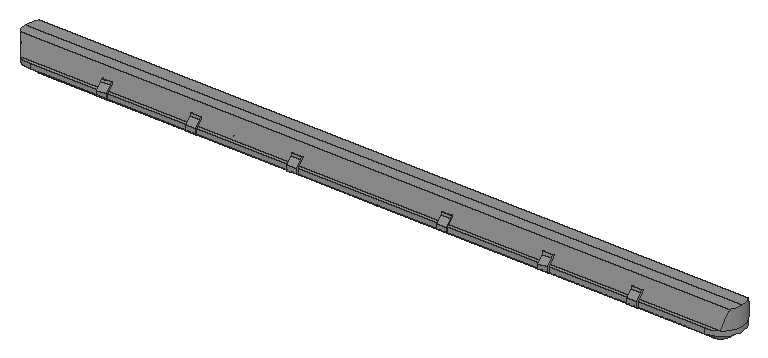
Revit family "ДСП-01 60 Вт 1500", category Осветительные приборы, Revit 2019 (continued)
Types (2, lengths in mm): name | Файл фотометрической сетки | built-in parameter 1150142 | built-in parameter 1150134 | built-in parameter 1150107 | Артикул | URL
    6 4.6 4.6 4.6 4.6 4.6 4.6 4.6 4.6 4.6 4.6 4.6 4.6 4.6 4.6 4.7 4.7 4.7 4.7 4.7 4.7 4.7 4.7 4.8 4.7 4.8 4.8 4.8 4.7 4.8 4.8 4.8 4.8 4.8 4.8 4.8\r\n291.7 291.5 291.2 290.8 290.3 289.7 289 288.2 287.3 286.3 285.2 284 282.7 281.4 279.9 278.4 276.7 275 273.1 271.2 269.2 267.2 265 262.8 260.4 258.1 255.5 253 250.3 247.6 244.7 241.9 238.9 236 232.9 229.9 226.7 223.5 220.2 216.9 213.4 209.9 206.3 202.7 198.9 195.1 191.1 187.3 183.3 179.3 175.3 171.4 167.3 163.3 159.3 155.3 151.2 147.2 143.2 139.1 135 130.8 126.7 122.6 118.4 114.3 110.4 106.3 102.4 98.5 94.7 90.9 87.2 83.4 79.7 76.1 72.5 68.9 65.5 61.9 58.5 55 51.6 48.2 45 41.9 39 36.1 33.1 30.2 27.3 24.2 20.9 17.9 16.1 15.1 14.6 13.9 13.2 12.3 11.5 10.7 9.9 9.2 8.6 8 7.4 6.9 6.3 5.9 5.5 5.1 4.8 4.7 4.6 4.5 4.5 4.5 4.5 4.5 4.5 4.5 4.5 4.5 4.5 4.5 4.5 4.5 4.5 4.6 4.5 4.5 4.6 4.6 4.6 4.6 4.6 4.6 4.6 4.6 4.6 4.6 4.6 4.7 4.7 4.7 4.7 4.7 4.7 4.7 4.7 4.7 4.7 4.7 4.7 4.7 4.8 4.8 4.8 4.7 2.4\r\n291.8 291.5 291.2 290.8 290.3 289.7 289 288.2 287.3 286.3 285.2 284 282.7 281.3 279.9 278.4 276.6 274.9 273.1 271.2 269.2 267.1 265 262.7 260.4 258.1 255.5 252.9 250.2 247.5 244.6 241.8 238.8 235.9 232.9 229.8 226.6 223.4 220.1 216.8 213.2 209.7 206 202.4 198.6 194.8 190.8 186.9 182.8 178.9 174.7 170.7 166.6 162.5 158.5 154.4 150.3 146.1 142.1 137.9 133.8 129.6 125.4 121.2 117 112.7 108.6 104.5 100.5 96.6 92.7 88.8 85 81.2 77.5 73.8 70.2 66.5 63 59.5 56 52.6 49.2 45.7 42.5 39.4 36.5 33.6 30.6 27.7 24.8 21.7 18.3 15.6 14.1 13.4 13 12.3 11.5 10.8 10 9.3 8.7 8.1 7.6 7.1 6.5 6 5.6 5.2 4.9 4.6 4.5 4.5 4.5 4.4 4.5 4.5 4.5 4.5 4.5 4.5 4.5 4.5 4.5 4.5 4.5 4.5 4.5 4.5 4.5 4.5 4.5 4.5 4.5 4.5 4.5 4.5 4.6 4.6 4.6 4.6 4.6 4.6 4.6 4.6 4.6 4.6 4.6 4.7 4.7 4.7 4.7 4.7 4.7 4.7 4.7 4.7 4.7 4.7 0\r\n291.8 291.5 291.2 290.8 290.2 289.6 288.9 288 287.1 286.1 284.9 283.7 282.4 281 279.5 278 276.2 274.5 272.6 270.7 268.6 266.5 264.3 262 259.7 257.3 254.7 252.1 249.4 246.7 243.8 241 237.9 234.9 231.8 228.7 225.5 222.3 218.9 215.6 212 208.4 204.6 200.9 196.9 193 189 185.2 181.1 177.2 173.2 169.2 165.1 161 156.8 152.7 148.4 144.2 140.1 135.8 131.7 127.5 123.3 119 114.8 110.4 106.2 102 97.9 93.8 89.8 85.9 82 78.1 74.3 70.5 66.9 63.2 59.7 56.2 52.7 49.3 45.9 42.5 39.2 36.1 33.3 30.3 27.4 24.5 21.7 18.8 15.8 13.4 12.3 11.8 11.3 10.6 10 9.3 8.7 8.1 7.6 7.1 6.6 6.1 5.7 5.3 5 4.8 4.6 4.5 4.4 4.4 4.4 4.4 4.4 4.4 4.5 4.4 4.4 4.4 4.4 4.4 4.4 4.4 4.5 4.4 4.4 4.5 4.4 4.5 4.5 4.5 4.5 4.5 4.5 4.5 4.6 4.5 4.6 4.6 4.6 4.6 4.6 4.6 4.6 4.6 4.6 4.6 4.6 4.7 4.6 4.7 4.7 4.7 4.7 4.7 4.7 4.7 2.4\r\n291.7 291.5 291.1 290.7 290.1 289.4 288.7 287.8 286.9 285.8 284.7 283.4 282 280.6 279.1 277.5 275.8 274 272.1 270.2 268.1 265.9 263.7 261.4 259 256.5 254 251.4 248.6 245.8 242.9 240.1 237 234 230.8 227.7 224.4 221.2 217.8 214.4 210.7 207.1 203.2 199.3 195.3 191.3 187.3 183.4 179.5 175.6 171.6 167.7 163.6 159.5 155.2 150.9 146.6 142.3 138.1 133.8 129.6 125.4 121.2 116.9 112.5 108.2 103.8 99.5 95.2 91 86.9 82.9 79 75 71.2 67.2 63.6 59.8 56.3 52.8 49.4 46 42.7 39.2 35.9 32.8 30 27.1 24.2 21.3 18.6 15.9 13.2 11.2 10.4 10.1 9.6 9 8.4 7.8 7.3 6.8 6.5 6.1 5.6 5.2 4.9 4.7 4.5 4.4 4.4 4.3 4.4 4.4 4.3 4.4 4.4 4.4 4.4 4.4 4.4 4.4 4.4 4.3 4.4 4.4 4.4 4.4 4.4 4.4 4.4 4.4 4.4 4.5 4.4 4.5 4.5 4.5 4.5 4.5 4.5 4.5 4.6 4.5 4.5 4.5 4.5 4.5 4.6 4.6 4.6 4.6 4.6 4.7 4.6 4.7 4.7 4.7 4.7 4.7 4.7\r\n291.8 291.5 291.2 290.7 290.1 289.5 288.7 287.9 286.9 285.9 284.7 283.5 282.1 280.7 279.2 277.6 275.8 274.1 272.2 270.2 268.1 266 263.8 261.5 259.1 256.6 254.1 251.5 248.7 245.9 243.1 240.2 237.2 234.2 231 227.9 224.6 221.3 217.8 214.4 210.8 207.1 203.3 199.5 195.5 191.5 187.5 183.6 179.6 175.6 171.6 167.6 163.5 159.4 155.1 150.9 146.6 142.3 138 133.6 129.3 124.9 120.6 116.3 111.9 107.5 103.2 98.8 94.6 90.3 86.1 81.8 77.8 73.7 69.7 65.7 62 58.2 54.6 51.1 47.7 44.3 41 37.5 34.3 31.1 28.2 25.3 22.5 19.6 16.8 14.3 11.8 10.1 9.3 8.9 8.5 7.9 7.4 6.9 6.5 6.1 5.8 5.4 5.1 4.8 4.6 4.4 4.3 4.3 4.3 4.3 4.3 4.3 4.3 4.3 4.3 4.3 4.3 4.3 4.3 4.3 4.3 4.3 4.3 4.3 4.4 4.3 4.3 4.4 4.4 4.4 4.4 4.4 4.4 4.4 4.5 4.5 4.5 4.5 4.5 4.5 4.5 4.5 4.5 4.5 4.5 4.6 4.6 4.6 4.6 4.6 4.6 4.7 4.6 4.7 4.7 4.7 4.7 4.7 2.4\r\n291.8 291.5 291.2 290.7 290.2 289.5 288.8 287.9 286.9 285.9 284.8 283.5 282.1 280.8 279.2 277.7 275.9 274.2 272.2 270.3 268.2 266.1 263.8 261.6 259.2 256.7 254.2 251.6 248.8 246 243.2 240.4 237.3 234.4 231.2 228.1 224.8 221.4 217.9 214.4 210.8 207.2 203.4 199.6 195.8 191.8 187.8 183.8 179.7 175.7 171.6 167.5 163.4 159.3 155.1 150.9 146.6 142.3 137.9 133.5 129.1 124.5 120.1 115.7 111.3 106.9 102.7 98.2 93.9 89.5 85.2 80.8 76.6 72.3 68.3 64.2 60.5 56.6 53 49.4 46 42.6 39.3 35.9 32.6 29.3 26.4 23.5 20.8 17.8 15.1 12.6 10.5 8.9 8.3 7.8 7.3 6.9 6.5 6 5.8 5.4 5.1 4.8 4.5 4.4 4.3 4.2 4.2 4.2 4.2 4.2 4.2 4.2 4.3 4.3 4.2 4.2 4.2 4.2 4.2 4.3 4.3 4.2 4.3 4.3 4.3 4.3 4.3 4.4 4.4 4.4 4.4 4.4 4.4 4.4 4.4 4.5 4.5 4.5 4.5 4.5 4.5 4.5 4.5 4.5 4.5 4.6 4.5 4.6 4.6 4.6 4.6 4.7 4.7 4.7 4.7 4.7 4.7 4.7 0\r\n291.8 291.6 291.2 290.8 290.2 289.6 288.8 287.9 286.9 285.9 284.7 283.5 282.1 280.7 279.1 277.6 275.7 274 272.1 270.1 268 265.9 263.6 261.3 258.9 256.5 253.9 251.3 248.5 245.8 242.9 240 237 233.9 230.7 227.5 224.2 220.8 217.3 213.9 210.2 206.7 202.9 199.2 195.3 191.4 187.4 183.4 179.3 175.3 171.2 167.1 162.9 158.7 154.4 150.2 145.8 141.4 137 132.5 128.1 123.5 119.1 114.6 110.2 105.6 101.2 96.6 92.2 87.7 83.2 78.7 74.4 70.1 65.9 61.7 57.8 53.8 50 46.3 42.8 39.3 36 32.7 29.4 26.3 23.3 20.5 17.8 15 12.5 10.4 8.8 7.6 7 6.6 6.2 5.9 5.6 5.3 5 4.8 4.6 4.4 4.3 4.2 4.1 4.1 4.1 4.1 4.1 4.1 4.1 4.1 4.1 4.1 4.1 4.1 4.1 4.1 4.1 4.1 4.1 4.1 4.2 4.2 4.2 4.2 4.2 4.3 4.3 4.3 4.3 4.3 4.4 4.4 4.4 4.4 4.4 4.4 4.4 2.2 2.2 2.3 2.3 2.3 2.3 2.3 2.3 2.3 2.3 2.3 2.3 2.3 2.3 2.3 2.3 2.3 2.3 2.4 0\r\n291.9 291.6 291.2 290.8 290.3 289.6 288.8 287.9 286.9 285.9 284.7 283.5 282.1 280.7 279.1 277.5 275.6 273.9 272 270 267.8 265.6 263.4 261.1 258.7 256.2 253.6 251 248.2 245.5 242.7 239.7 236.6 233.5 230.2 227 223.6 220.3 216.7 213.3 209.7 206.1 202.3 198.7 194.8 190.9 187 183 178.9 174.9 170.8 166.6 162.4 158.1 153.8 149.4 144.9 140.4 136.1 131.5 127.1 122.6 118.1 113.5 109 104.3 99.7 95 90.5 85.8 81.3 76.7 72.3 67.8 63.5 59.2 55.1 50.9 47.1 43.2 39.6 36.1 32.7 29.4 26.3 23.2 20.3 17.5 14.9 12.1 9.8 8.1 7 6.3 5.8 5.4 5.1 4.9 4.7 4.5 4.3 4.2 4.1 4 4 4 4 4 4 4 4 4 4 4 4 3.9 3.9 4 4 4 4 4 4 4.1 4.1 4.1 4.1 4.2 4.2 4.2 4.2 4.2 4.3 4.3 4.3 4.3 4.3 4.3 4.4 4.4 4.4 0 0 0 0 0 0 0 0 0 0 0 0 0 0 0 0 0 0 0 0\r\n291.9 291.7 291.3 290.8 290.3 289.6 288.8 288 287 285.9 284.8 283.5 282.1 280.6 279 277.4 275.6 273.9 272 270 267.9 265.8 263.4 261.2 258.7 256.2 253.6 251 248.2 245.5 242.6 239.7 236.6 233.5 230.3 227 223.6 220.3 216.8 213.3 209.7 206.1 202.3 198.6 194.7 190.9 186.9 182.9 178.8 174.7 170.5 166.3 162.1 157.8 153.4 149.1 144.6 140 135.5 131 126.5 121.9 117.3 112.7 108.1 103.4 98.7 94 89.3 84.6 80 75.3 70.8 66.2 61.8 57.4 53.2 49 45 41 37.3 33.7 30.3 27.1 24 21 18.2 15.4 13 10.5 8.5 7.1 6.3 5.7 5.3 5 4.8 4.5 4.4 4.2 4.1 4.1 4 4 4 4 4 4 3.9 3.9 3.9 3.9 3.9 3.9 3.9 3.9 3.9 3.9 4 3.9 3.9 4 4 4 4.1 4.1 4.1 4.2 4.2 4.2 4.2 4.2 4.3 4.3 4.3 4.3 4.3 4.3 4.4 4.4 4.4 2.2 2.2 2.2 2.2 2.2 2.2 2.2 2.2 2.3 0 0 0 0 0 0 0 0 0 0 0\r\n291.9 291.7 291.3 290.9 290.3 289.7 288.9 288 287.1 286 284.8 283.4 282 280.4 278.9 277.3 275.6 273.9 272 270.1 268 265.9 263.5 261.2 258.8 256.3 253.7 251 248.2 245.5 242.6 239.6 236.6 233.5 230.3 227.1 223.7 220.3 216.8 213.3 209.7 206 202.3 198.6 194.6 190.8 186.8 182.8 178.6 174.5 170.3 166.1 161.8 157.5 153.1 148.7 144.2 139.6 135 130.4 125.8 121.2 116.6 111.9 107.2 102.5 97.8 93 88.2 83.3 78.7 73.9 69.2 64.6 60.1 55.6 51.3 47 42.9 38.8 35 31.3 27.9 24.7 21.6 18.8 16 13.4 11.2 8.9 7.1 6.1 5.5 5.1 4.8 4.5 4.4 4.2 4.1 4 4 4 3.9 3.9 3.9 3.9 3.9 3.9 3.9 3.9 3.9 3.8 3.9 3.9 3.8 3.9 3.9 3.9 3.9 3.9 3.9 3.9 4 4 4 4 4.1 4.1 4.1 4.2 4.2 4.2 4.3 4.3 4.3 4.3 4.3 4.3 4.4 4.4 4.4 4.4 4.4 4.5 4.4 4.4 4.5 4.5 4.5 4.5 0 0 0 0 0 0 0 0 0 0 0\r\n292 291.7 291.2 290.7 290.1 289.4 288.6 287.7 286.7 285.6 284.4 283 281.6 280.1 278.5 276.9 275.2 273.4 271.5 269.5 267.4 265.2 262.9 260.6 258.1 255.6 253 250.3 247.5 244.7 241.7 238.8 235.8 232.6 229.4 226.2 222.7 219.3 215.8 212.3 208.6 205 201.2 197.5 193.5 189.6 185.5 181.4 177.3 173.1 168.9 164.6 160.2 155.8 151.2 146.7 142.1 137.5 133 128.3 123.7 118.9 114.2 109.5 104.8 100 95.2 90.4 85.6 80.9 76.3 71.6 66.9 62.1 57.6 53 48.6 44.2 39.9 35.7 31.8 28.2 24.8 21.6 18.6 15.9 13.4 11.2 9.2 7.3 6 5.3 4.9 4.6 4.4 4.3 4.2 4.1 4 4 3.9 3.9 3.9 3.8 3.9 3.9 3.8 3.8 3.8 3.8 3.8 3.8 3.8 3.8 3.8 3.8 3.8 3.8 3.8 3.8 3.9 3.9 3.9 4 4 4 4.1 4.1 4.1 4.2 4.2 4.2 4.3 4.3 4.3 4.3 4.3 4.3 4.4 4.4 4.4 4.4 2.2 2.2 2.2 2.2 2.2 2.2 2.2 2.3 0 0 0 0 0 0 0 0 0 0 0\r\n292 291.6 291.2 290.6 289.9 289.1 288.3 287.3 286.3 285.2 284 282.6 281.1 279.7 278.1 276.4 274.7 272.9 270.9 268.9 266.8 264.6 262.3 259.9 257.5 254.9 252.2 249.5 246.7 243.9 240.9 238 234.9 231.8 228.5 225.2 221.8 218.3 214.8 211.2 207.6 204 200.2 196.4 192.4 188.3 184.2 180.1 175.9 171.7 167.5 163.2 158.7 154.2 149.4 144.8 140 135.4 130.9 126.2 121.5 116.6 111.8 107 102.4 97.6 92.7 87.8 83 78.4 73.9 69.2 64.5 59.7 55 50.4 46 41.4 37 32.6 28.7 25 21.7 18.6 15.7 13 10.8 8.9 7.3 5.7 4.9 4.5 4.3 4.2 4.1 4 4 4 3.9 3.9 3.9 3.8 3.8 3.8 3.8 3.8 3.8 3.7 3.8 3.7 3.8 3.8 3.7 3.8 3.8 3.7 3.8 3.8 3.8 3.8 3.8 3.9 3.9 3.9 4 4 4 4.1 4.1 4.2 4.2 4.2 4.3 4.3 4.3 4.3 4.3 4.4 4.4 4.4 4.4 4.5 0 0 0 0 0 0 0 0 0 0 0 0 0 0 0 0 0 0 0\r\n292 291.7 291.3 290.7 290.1 289.3 288.5 287.5 286.5 285.4 284.2 282.8 281.4 279.9 278.3 276.6 274.8 273 271 269 266.8 264.5 262.2 259.8 257.3 254.8 252 249.3 246.4 243.6 240.6 237.5 234.4 231.3 228 224.6 221.1 217.6 214 210.5 206.8 203.2 199.3 195.5 191.4 187.4 183.2 179.2 175 170.9 166.6 162.3 157.8 153.4 148.7 144.1 139.4 134.7 130.2 125.5 120.8 115.9 111.2 106.5 101.8 97 92.2 87.4 82.7 78 73.4 68.6 63.9 59.1 54.4 49.7 45.2 40.6 36.2 31.9 27.9 24 20.5 17.2 14.3 11.6 9.4 7.7 6.2 5.1 4.5 4.3 4.2 4.1 4 4 3.9 3.9 3.9 3.9 3.9 3.8 3.8 3.8 3.8 3.8 3.7 3.8 3.7 3.7 3.8 3.8 3.8 3.7 3.7 3.7 3.7 3.8 3.8 3.8 3.8 3.9 3.9 3.9 4 4 4 4.1 4.1 4.1 4.2 4.2 2.1 2.1 2.2 2.2 2.2 2.2 2.2 2.2 2.2 2.2 0 0 0 0 0 0 0 0 0 0 0 0 0 0 0 0 0 0 0\r\n292.1 291.8 291.4 290.9 290.2 289.5 288.7 287.8 286.7 285.6 284.4 283.1 281.6 280.1 278.5 276.8 275 273.1 271.1 269 266.8 264.5 262.1 259.7 257.2 254.6 251.8 249.1 246.2 243.2 240.2 237.1 233.9 230.7 227.4 224 220.4 216.9 213.3 209.8 206 202.3 198.4 194.5 190.4 186.4 182.3 178.3 174.2 170 165.7 161.4 156.9 152.6 148 143.4 138.7 134 129.5 124.8 120.1 115.2 110.7 106 101.3 96.4 91.7 87 82.3 77.6 72.9 68 63.3 58.5 53.8 49 44.4 39.8 35.4 31.1 27 23 19.3 15.9 12.9 10.3 8 6.4 5.2 4.5 4.2 4.1 4.1 4 4 4 3.9 3.9 3.9 3.8 3.9 3.8 3.8 3.8 3.7 3.8 3.7 3.8 3.7 3.7 3.8 3.7 3.8 3.7 3.7 3.8 3.7 3.7 3.8 3.8 3.8 3.9 3.9 3.9 4 4 4 4.1 4.1 4.1 4.2 4.2 0 0 0 0 0 0 0 0 0 0 0 0 0 0 0 0 0 0 0 0 0 0 0 0 0 0 0 0 0\r\n" | 12 | 4000 (stored number, unit not read) | "14 733" | "http://innolux.pro/katalog/osveshhenie-dlya-obektov-zhkx/dsp-01-60-vt-1500/14733.html"
